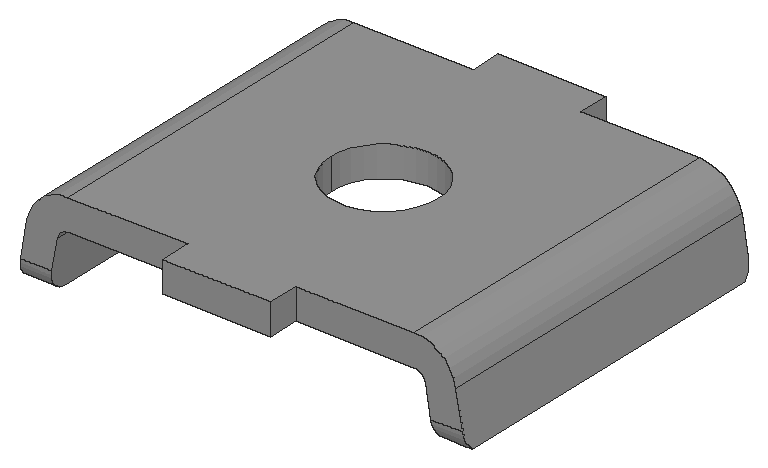
Revit family "Klemmstück - GKB 34 G.pdf", category Generic Models, Revit 2017
Family settings
  Can host rebar = No
  Round Connector Dimension = Use Diameter
  Part Type = Normal
  Work Plane-Based = No
  Always vertical = Yes
  Cut with Voids When Loaded = No
  Shared = No
  Room Calculation Point = No
Parameters (values of type "GKB 34 A2")
  URL = "http://www.obo-bettermann.com"
  Material = Edelstahl, rostfrei A2
  Manufacturer Art.No. = "6016676"
  Manufacturer = "OBO BETTERMANN"
  GTIN = "4012195694069"
  Article Type = "GKB 34 A2"
Types (3, lengths in mm): name | Material | Manufacturer Art.No. | GTIN | Article Type
  (no name) | Edelstahl, rostfrei A2 | "6016676" | "4012195694069" | "GKB 34 A2"
  GKB 34 G | Strip-galvanised | "6016674" | "4012195694052" | "GKB 34 G"
  GKB 34 A2 | Edelstahl, rostfrei A2 | "6016676" | "4012195694069" | "GKB 34 A2"
Reference planes
  plane 1 "Center (Front/Back)": y = 0
  plane 2: z = 0
  plane 3 "Center (Left/Right)": x = 0
  plane 4: z = -3.76
  plane 5: z = -3.76
  plane 6: y = 27
  plane 7: y = 25
  plane 8: y = 2
  plane 9: x = -3.457
  plane 10: x = 3.5
  plane 11: x = -3.457
  plane 12: x = 3.5
  plane 13: z = -4.327
  plane 14: y = 13.5
Forms (mm)
  Extrusion 1, solid, material "Edelstahl, rostfrei A2" <- "Material"
    sketch origin (0, 0, 0) x (1, 0, 0) y (0, 0, 1)
      loop
        line (-11.175, 0) -> (11.122, 0)
        arc (11.122, 0) -> (11.603, -0.175) -> (11.859, -0.618) r 0.748
        line (11.859, -0.618) -> (12.474, -4.107) -> (14.444, -3.76) -> (13.829, -0.271)
        arc (13.829, -0.271) -> (12.889, 1.357) -> (11.122, 2) r 2.748
        line (11.122, 2) -> (-11.175, 2)
        arc (-11.175, 2) -> (-12.901, 1.372) -> (-13.819, -0.219) r 2.685
        line (-13.819, -0.219) -> (-14.444, -3.76) -> (-12.474, -4.107) -> (-11.85, -0.566)
        arc (-11.85, -0.566) -> (-11.615, -0.16) -> (-11.175, 0) r 0.685
    from 0 to -27
  Extrusion 2, void
    sketch origin (0, 0, 0) x (1, 0, 0) y (0, 1, 0)
      loop
        line (3.5, 27) -> (3.5, 25) -> (14.444, 25) -> (14.444, 27) -> (3.5, 27)
      loop
        line (3.5, 2) -> (3.5, 0) -> (14.444, 0) -> (14.444, 2) -> (3.5, 2)
      loop
        line (-3.457, 27) -> (-14.444, 27) -> (-14.444, 25) -> (-3.457, 25) -> (-3.457, 27)
      loop
        line (-3.457, 2) -> (-14.444, 2) -> (-14.444, 0) -> (-3.457, 0) -> (-3.457, 2)
    from -4.327 to 2
  Extrusion 3, void
    sketch origin (0, 0, 0) x (0, 1, 0) y (0, 0, 1)
      loop
        line (2, -2.607) -> (2, -4.107) -> (3.5, -4.107)
        arc (3.5, -4.107) -> (2.439, -3.668) -> (2, -2.607) r 1.5
    from -14.444 to 14.444
  Extrusion 4, void
    sketch origin (0, 0, 0) x (0, 1, 0) y (0, 0, 1)
      loop
        line (23.5, -4.107) -> (25, -4.107) -> (25, -2.607)
        arc (25, -2.607) -> (24.561, -3.668) -> (23.5, -4.107) r 1.5
    from -14.444 to 14.444
  Extrusion 5, void
    sketch origin (0, 0, 0) x (1, 0, 0) y (0, 1, 0)
      loop
        circle (0, 13.5) r 3.48
    from 0 to 2
Cuts and joins
  Extrusion 2, Extrusion 3, Extrusion 4, Extrusion 5 cuts Extrusion 1
Dimensions and locks
  Extrusion 1 sketch curve to Extrusion 1 sketch curve = 22.297 mm
  plane 3 "Center (Left/Right)" to Extrusion 1 sketch curve = 11.175 mm
  locked: Extrusion 1 sketch curve to plane 4 at 5.76
  Extrusion 1 sketch curve to plane 5 = 5.76 mm
  locked: Extrusion 1 sketch curve to Extrusion 1 sketch curve at 2  (x3)
  locked: Extrusion 1 sketch curve to Extrusion 1 sketch curve at 24.948
  locked: Extrusion 1 sketch curve to Extrusion 1 sketch curve at 4.107  (x2)
  locked: plane 1 "Center (Front/Back)" to plane 6 at 27
  locked: plane 6 to plane 7 at 2
  locked: plane 8 to plane 1 "Center (Front/Back)" at 2
  Extrusion 1 to Extrusion 1 = 24.948 mm
  locked: plane 9 to plane 3 "Center (Left/Right)" at 3.457
  locked: plane 3 "Center (Left/Right)" to plane 10 at 3.5
  locked: plane 11 to plane 3 "Center (Left/Right)" at 3.457
  locked: plane 3 "Center (Left/Right)" to plane 12 at 3.5
  locked: level to plane 13 at 4.327
  locked: plane 1 "Center (Front/Back)" to plane 14 at 13.5
  locked: Extrusion 5 sketch curve to plane 14 at 3.48
  aligned and locked: level to plane 2
  aligned and locked: plane 6 to Extrusion 1
  aligned and locked: Extrusion 2 sketch curve to plane 7
  aligned and locked: plane 6 to Extrusion 2 sketch curve
  aligned and locked: Extrusion 2 sketch curve to Extrusion 2 sketch curve  (x2)
  aligned and locked: Extrusion 2 sketch curve to plane 10  (x2)
  aligned and locked: Extrusion 2 sketch curve to plane 6
  aligned and locked: plane 7 to Extrusion 2 sketch curve
  aligned and locked: Extrusion 2 sketch curve to plane 9
  aligned and locked: Extrusion 2 sketch curve to plane 8  (x2)
  aligned and locked: Extrusion 2 sketch curve to plane 1 "Center (Front/Back)"
  aligned and locked: Extrusion 1 to Extrusion 2 sketch curve
  aligned and locked: plane 9 to Extrusion 2 sketch curve
  aligned and locked: Extrusion 2 sketch curve to Extrusion 1
  aligned and locked: Extrusion 2 to plane 13
  aligned and locked: Extrusion 2 to Extrusion 1
  aligned and locked: Extrusion 1 to Extrusion 3
  aligned and locked: Extrusion 4 to Extrusion 2
  aligned and locked: Extrusion 4 to Extrusion 1  (x2)
  aligned and locked: Extrusion 4 to Extrusion 3
  aligned and locked: Extrusion 5 to level
  aligned and locked: Extrusion 1 to Extrusion 5
Automatic sketch dimensions
  Extrusion 1 sketch curve to Extrusion 1 sketch curve = 0 mm  (x2)
  Extrusion 1 sketch curve to plane 4 = 0 mm  (x2)
  Extrusion 1 sketch curve to level = 0.566 mm
  Extrusion 1 sketch curve to level = 0.219 mm  (x2)
  plane 1 "Center (Front/Back)" to Extrusion 2 sketch curve = 0 mm  (x2)
  plane 13 to Extrusion 3 sketch curve = 0.22 mm
  Extrusion 3 sketch curve to plane 1 "Center (Front/Back)" = 2 mm
  Extrusion 3 sketch curve to Extrusion 3 sketch curve = 1.5 mm
  Extrusion 4 sketch curve to plane 6 = 3.5 mm
  Extrusion 4 sketch curve to Extrusion 4 sketch curve = 1.5 mm
  plane 13 to Extrusion 4 sketch curve = 1.72 mm
  Extrusion 5 sketch curve to plane 3 "Center (Left/Right)" = 0 mm
  Extrusion 5 sketch curve to plane 14 = 0 mm
